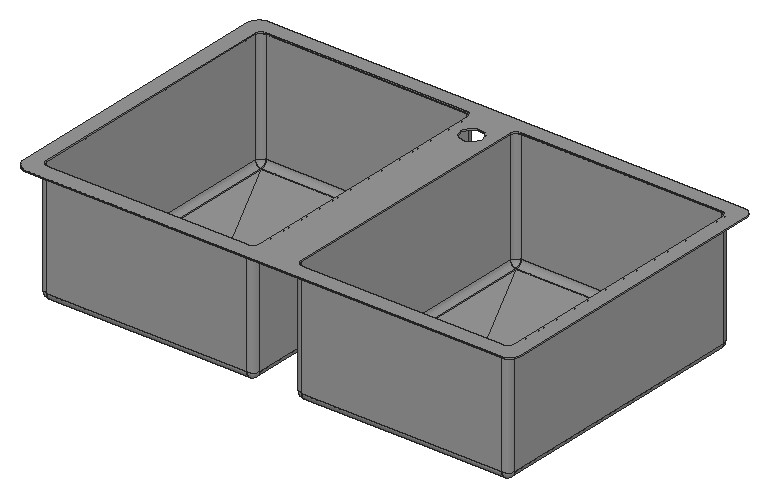
Revit family "BUILDMAT-SNGDTL013-Jack-820-Tap-Landing-Brass Gold", category Plumbing Fixtures, host Face, Revit 2026
Family settings
  Host = Face
  Round Connector Dimension = Use Diameter
  Part Type = Normal
  Enable Cutting in Views = No
  Cut with Voids When Loaded = No
  Maintain Annotation Orientation = No
  Shared = No
  Room Calculation Point = No
Parameters (values of type "Jack 820x500x205mm Brushed Brass Gold")
  Width 2 = 350.0 mm
  Width 1 = 350.0 mm
  Undermount [instance] = 20.0 mm
  URL = "https://www.buildmat.com.au/products/jack-820-double-bowl-tap-landing-sink"
  Sound Pad 2 = yes
  Sound Pad 1 = yes
  Model = "TLAN013"  # constant formula
  Manufacturer's URL = "https://www.buildmat.com.au/"
  Manufacturer = "BUILDMAT"  # constant formula
  Length = 450.0 mm
  Gap = 70.0 mm
  Drain Sound Pad 2 = yes
  Drain Sound Pad 1 = yes
  Description = "BUILDMAT - Jack 820x500 Double Bowl with Tap Landing Sink"  # constant formula
  Depth = 205.0 mm
  Default Elevation = 1200.0 mm
  D. S. Pad 2 = 230.0 mm
  D. S. Pad 1 = 230.0 mm
  D. Bracket 4 = 50.0 mm
  D. Bracket 3 = 100.0 mm
  D. Bracket 2 = 100.0 mm
  D. Bracket 1 = 50.0 mm
  Created By URL = "https://www.buildmat.com.au/"
  Created By = "BUILDMAT"  # constant formula
  Created = "22.06.2022"  # constant formula
  Bracket 4 = yes
  Bracket 3 = yes
  Bracket 2 = yes
  Bracket 1 = yes
  Material = BUILDMAT Brass Gold
Reference planes
  plane 1 "Center (Front/Back)": y = 0
  plane 2: z = 0
  plane 3 "Center (Left/Right)": x = 0
  plane 4: x = -35
  plane 5: x = 35
  plane 6: x = -385
  plane 7: x = 385
  plane 8: y = -225
  plane 9: y = 225
  plane 10: x = -410
  plane 11: x = 410
  plane 12: y = -250
  plane 13: y = 250
  plane 14: x = 210
  plane 15: x = -210
  plane 16: y = 215
  plane 17: y = -215
  plane 18: x = -375
  plane 19: x = -45
  plane 20: x = 45
  plane 21: x = 375
  plane 22: y = 226.5
  plane 23: y = -226.5
  plane 24: x = -386.5
  plane 25: x = -33.5
  plane 26: x = 33.5
  plane 27: x = 386.5
  plane 28: x = -267
  plane 29: x = -153
  plane 30: x = -165
  plane 31: x = -255
  plane 32: x = 153
  plane 33: x = 165
  plane 34: x = 255
  plane 35: x = 267
  plane 36 "Top Substrate": z = -20
  plane 37: z = -18.5
  plane 38 "Bottom Void": z = -225
  plane 39: z = -215
  plane 40: z = -205
  plane 41: z = -220
  plane 42: z = -221.481
  plane 43: z = -216.5
  plane 44 "Sound Pad": z = -125
  plane 45 "Bracket 1": x = -335
  plane 46 "Bracket 4": x = 335
  plane 47: y = 125
  plane 48: y = -125
  plane 49: x = -310
  plane 50: x = -110
  plane 51: x = 110
  plane 52: x = 310
  plane 53: z = -185
  plane 54: z = -165
  plane 55: y = 180
Forms (mm)
  Extrusion 1, void
    sketch origin (0, 0, 0) x (1, 0, 0) y (0, 1, 0)
      loop
        arc (-375, 225) -> (-382.071, 222.071) -> (-385, 215) r 10
        line (-385, 215) -> (-385, -215)
        arc (-385, -215) -> (-382.071, -222.071) -> (-375, -225) r 10
        line (-375, -225) -> (375, -225)
        arc (375, -225) -> (382.071, -222.071) -> (385, -215) r 10
        line (385, -215) -> (385, 215)
        arc (385, 215) -> (382.071, 222.071) -> (375, 225) r 10
        line (375, 225) -> (-375, 225)
    from 0 to -18.5
  Extrusion 2, void
    sketch origin (0, 0, 0) x (1, 0, 0) y (0, 1, 0)
      loop
        arc (-390, 250) -> (-404.142, 244.142) -> (-410, 230) r 20
        line (-410, 230) -> (-410, -230)
        arc (-410, -230) -> (-404.142, -244.142) -> (-390, -250) r 20
        line (-390, -250) -> (390, -250)
        arc (390, -250) -> (404.142, -244.142) -> (410, -230) r 20
        line (410, -230) -> (410, 230)
        arc (410, 230) -> (404.142, 244.142) -> (390, 250) r 20
        line (390, 250) -> (-390, 250)
    from -20 to -18.5
  Extrusion 3, void
    sketch origin (0, 0, 0) x (1, 0, 0) y (0, 1, 0)
      loop
        line (-386.5, 226.5) -> (-386.5, -226.5) -> (386.5, -226.5) -> (386.5, 226.5) -> (-386.5, 226.5)
    from -225 to -20
  Extrusion 4, solid, material "BUILDMAT Brass Gold" <- "Material"
    sketch origin (0, 0, -20) x (-1, 0, 0) y (0, -1, 0)
      loop
        arc (390, -250) -> (404.142, -244.142) -> (410, -230) r 20
        line (410, -230) -> (410, 230)
        arc (410, 230) -> (404.142, 244.142) -> (390, 250) r 20
        line (390, 250) -> (-390, 250)
        arc (-390, 250) -> (-404.142, 244.142) -> (-410, 230) r 20
        line (-410, 230) -> (-410, -230)
        arc (-410, -230) -> (-404.142, -244.142) -> (-390, -250) r 20
        line (-390, -250) -> (390, -250)
      loop
        arc (375, -225) -> (382.071, -222.071) -> (385, -215) r 10
        line (385, -215) -> (385, 215)
        arc (385, 215) -> (382.071, 222.071) -> (375, 225) r 10
        line (375, 225) -> (45, 225)
        arc (45, 225) -> (37.929, 222.071) -> (35, 215) r 10
        line (35, 215) -> (35, -215)
        arc (35, -215) -> (37.929, -222.071) -> (45, -225) r 10
        line (45, -225) -> (375, -225)
      loop
        line (-35, -215) -> (-35, 215)
        arc (-35, 215) -> (-37.929, 222.071) -> (-45, 225) r 10
        line (-45, 225) -> (-375, 225)
        arc (-375, 225) -> (-382.071, 222.071) -> (-385, 215) r 10
        line (-385, 215) -> (-385, -215)
        arc (-385, -215) -> (-382.071, -222.071) -> (-375, -225) r 10
        line (-375, -225) -> (-45, -225)
        arc (-45, -225) -> (-37.929, -222.071) -> (-35, -215) r 10
    from 0 to 1.5
  Extrusion 5, solid, material "BUILDMAT Brass Gold" <- "Material"
    sketch origin (0, 0, -20) x (-1, 0, 0) y (0, -1, 0)
      loop
        arc (375, -225) -> (382.071, -222.071) -> (385, -215) r 10
        line (385, -215) -> (385, 215)
        arc (385, 215) -> (382.071, 222.071) -> (375, 225) r 10
        line (375, 225) -> (45, 225)
        arc (45, 225) -> (37.929, 222.071) -> (35, 215) r 10
        line (35, 215) -> (35, -215)
        arc (35, -215) -> (37.929, -222.071) -> (45, -225) r 10
        line (45, -225) -> (375, -225)
      loop
        arc (375, -226.5) -> (383.132, -223.132) -> (386.5, -215) r 11.5
        line (386.5, -215) -> (386.5, 215)
        arc (386.5, 215) -> (383.132, 223.132) -> (375, 226.5) r 11.5
        line (375, 226.5) -> (45, 226.5)
        arc (45, 226.5) -> (36.868, 223.132) -> (33.5, 215) r 11.5
        line (33.5, 215) -> (33.5, -215)
        arc (33.5, -215) -> (36.868, -223.132) -> (45, -226.5) r 11.5
        line (45, -226.5) -> (375, -226.5)
    from 0 to -185
  Extrusion 6, solid, material "BUILDMAT Brass Gold" <- "Material"
    sketch origin (0, 0, -20) x (-1, 0, 0) y (0, -1, 0)
      loop
        arc (-45, -225) -> (-37.929, -222.071) -> (-35, -215) r 10
        line (-35, -215) -> (-35, 215)
        arc (-35, 215) -> (-37.929, 222.071) -> (-45, 225) r 10
        line (-45, 225) -> (-375, 225)
        arc (-375, 225) -> (-382.071, 222.071) -> (-385, 215) r 10
        line (-385, 215) -> (-385, -215)
        arc (-385, -215) -> (-382.071, -222.071) -> (-375, -225) r 10
        line (-375, -225) -> (-45, -225)
      loop
        line (-33.5, -215) -> (-33.5, 215)
        arc (-33.5, 215) -> (-36.868, 223.132) -> (-45, 226.5) r 11.5
        line (-45, 226.5) -> (-375, 226.5)
        arc (-375, 226.5) -> (-383.132, 223.132) -> (-386.5, 215) r 11.5
        line (-386.5, 215) -> (-386.5, -215)
        arc (-386.5, -215) -> (-383.132, -223.132) -> (-375, -226.5) r 11.5
        line (-375, -226.5) -> (-45, -226.5)
        arc (-45, -226.5) -> (-36.868, -223.132) -> (-33.5, -215) r 11.5
    from 0 to -185
  Extrusion 7, solid, material "BUILDMAT Brass Gold" <- "Material"
    sketch origin (0, 0, 0) x (1, 0, 0) y (0, 0, 1)
      loop
        line (-385, -205) -> (-386.5, -205)
        arc (-386.5, -205) -> (-383.132, -213.132) -> (-375, -216.5) r 11.5
        line (-375, -216.5) -> (-375, -215)
        arc (-375, -215) -> (-382.071, -212.071) -> (-385, -205) r 10
    from -215 to 215
  Extrusion 8, solid, material "BUILDMAT Brass Gold" <- "Material"
    sketch origin (0, 0, 0) x (1, 0, 0) y (0, 0, 1)
      loop
        arc (-35, -205) -> (-37.929, -212.071) -> (-45, -215) r 10
        line (-45, -215) -> (-45, -216.5)
        arc (-45, -216.5) -> (-36.868, -213.132) -> (-33.5, -205) r 11.5
        line (-33.5, -205) -> (-35, -205)
    from -215 to 215
  Extrusion 9, solid, material "BUILDMAT Brass Gold" <- "Material"
    sketch origin (0, 0, 0) x (1, 0, 0) y (0, 0, 1)
      loop
        line (35, -205) -> (33.5, -205)
        arc (33.5, -205) -> (36.868, -213.132) -> (45, -216.5) r 11.5
        line (45, -216.5) -> (45, -215)
        arc (45, -215) -> (37.929, -212.071) -> (35, -205) r 10
    from -215 to 215
  Extrusion 10, solid, material "BUILDMAT Brass Gold" <- "Material"
    sketch origin (0, 0, 0) x (1, 0, 0) y (0, 0, 1)
      loop
        arc (385, -205) -> (382.071, -212.071) -> (375, -215) r 10
        line (375, -215) -> (375, -216.5)
        arc (375, -216.5) -> (383.132, -213.132) -> (386.5, -205) r 11.5
        line (386.5, -205) -> (385, -205)
    from -215 to 215
  Extrusion 11, solid, material "BUILDMAT Brass Gold" <- "Material"
    sketch origin (0, 0, 0) x (0, 1, 0) y (0, 0, 1)
      loop
        line (226.5, -205) -> (225, -205)
        arc (225, -205) -> (222.071, -212.071) -> (215, -215) r 10
        line (215, -215) -> (215, -216.5)
        arc (215, -216.5) -> (223.132, -213.132) -> (226.5, -205) r 11.5
    from 45 to 375
  Extrusion 12, solid, material "BUILDMAT Brass Gold" <- "Material"
    sketch origin (0, 0, 0) x (0, 1, 0) y (0, 0, 1)
      loop
        line (-225, -205) -> (-226.5, -205)
        arc (-226.5, -205) -> (-223.132, -213.132) -> (-215, -216.5) r 11.5
        line (-215, -216.5) -> (-215, -215)
        arc (-215, -215) -> (-222.071, -212.071) -> (-225, -205) r 10
    from 45 to 375
  Extrusion 13, solid, material "BUILDMAT Brass Gold" <- "Material"
    sketch origin (0, 0, 0) x (0, 1, 0) y (0, 0, 1)
      loop
        arc (225, -205) -> (222.071, -212.071) -> (215, -215) r 10
        line (215, -215) -> (215, -216.5)
        arc (215, -216.5) -> (223.132, -213.132) -> (226.5, -205) r 11.5
        line (226.5, -205) -> (225, -205)
    from -375 to -45
  Extrusion 14, solid, material "BUILDMAT Brass Gold" <- "Material"
    sketch origin (0, 0, 0) x (0, 1, 0) y (0, 0, 1)
      loop
        line (-225, -205) -> (-226.5, -205)
        arc (-226.5, -205) -> (-223.132, -213.132) -> (-215, -216.5) r 11.5
        line (-215, -216.5) -> (-215, -215)
        arc (-215, -215) -> (-222.071, -212.071) -> (-225, -205) r 10
    from -375 to -45
  Revolve 15, solid, material "BUILDMAT Brass Gold" <- "Material"
    sketch origin (-423.435, 215, 4000) x (-1, 0, 0) y (0, 0, 1)
      loop
        arc (-38.435, -4205) -> (-41.364, -4212.071) -> (-48.435, -4215) r 10
        line (-48.435, -4215) -> (-48.435, -4216.5)
        arc (-48.435, -4216.5) -> (-40.304, -4213.132) -> (-36.935, -4205) r 11.5
        line (-36.935, -4205) -> (-38.435, -4205)
      axis (-48.435, -4205) -> (-48.435, -4216.5)
    angle from -90 to 0
  Revolve 16, solid, material "BUILDMAT Brass Gold" <- "Material"
    sketch origin (-423.435, 215, 4000) x (-1, 0, 0) y (0, 0, 1)
      loop
        line (-388.435, -4205) -> (-389.935, -4205)
        arc (-389.935, -4205) -> (-386.567, -4213.132) -> (-378.435, -4216.5) r 11.5
        line (-378.435, -4216.5) -> (-378.435, -4215)
        arc (-378.435, -4215) -> (-385.506, -4212.071) -> (-388.435, -4205) r 10
      axis (-378.435, -4205) -> (-378.435, -4216.5)
    angle from -90 to 0
  Revolve 17, solid, material "BUILDMAT Brass Gold" <- "Material"
    sketch origin (-423.435, 215, 4000) x (-1, 0, 0) y (0, 0, 1)
      loop
        arc (-458.435, -4205) -> (-461.364, -4212.071) -> (-468.435, -4215) r 10
        line (-468.435, -4215) -> (-468.435, -4216.5)
        arc (-468.435, -4216.5) -> (-460.304, -4213.132) -> (-456.935, -4205) r 11.5
        line (-456.935, -4205) -> (-458.435, -4205)
      axis (-468.435, -4205) -> (-468.435, -4216.5)
    angle from -90 to 0
  Revolve 18, solid, material "BUILDMAT Brass Gold" <- "Material"
    sketch origin (-423.435, 215, 4000) x (-1, 0, 0) y (0, 0, 1)
      loop
        line (-808.435, -4205) -> (-809.935, -4205)
        arc (-809.935, -4205) -> (-806.567, -4213.132) -> (-798.435, -4216.5) r 11.5
        line (-798.435, -4216.5) -> (-798.435, -4215)
        arc (-798.435, -4215) -> (-805.506, -4212.071) -> (-808.435, -4205) r 10
      axis (-798.435, -4205) -> (-798.435, -4216.5)
    angle from -90 to 0
  Revolve 19, solid, material "BUILDMAT Brass Gold" <- "Material"
    sketch origin (-423.435, -215, 4000) x (-1, 0, 0) y (0, 0, 1)
      loop
        arc (-38.435, -4205) -> (-41.364, -4212.071) -> (-48.435, -4215) r 10
        line (-48.435, -4215) -> (-48.435, -4216.5)
        arc (-48.435, -4216.5) -> (-40.304, -4213.132) -> (-36.935, -4205) r 11.5
        line (-36.935, -4205) -> (-38.435, -4205)
      axis (-48.435, -4205) -> (-48.435, -4216.5)
    angle from 0 to 90
  Revolve 20, solid, material "BUILDMAT Brass Gold" <- "Material"
    sketch origin (-423.435, -215, 4000) x (-1, 0, 0) y (0, 0, 1)
      loop
        arc (-389.935, -4205) -> (-386.567, -4213.132) -> (-378.435, -4216.5) r 11.5
        line (-378.435, -4216.5) -> (-378.435, -4215)
        arc (-378.435, -4215) -> (-385.506, -4212.071) -> (-388.435, -4205) r 10
        line (-388.435, -4205) -> (-389.935, -4205)
      axis (-378.435, -4205) -> (-378.435, -4216.5)
    angle from 0 to 90
  Revolve 21, solid, material "BUILDMAT Brass Gold" <- "Material"
    sketch origin (-423.435, -215, 4000) x (-1, 0, 0) y (0, 0, 1)
      loop
        line (-456.935, -4205) -> (-458.435, -4205)
        arc (-458.435, -4205) -> (-461.364, -4212.071) -> (-468.435, -4215) r 10
        line (-468.435, -4215) -> (-468.435, -4216.5)
        arc (-468.435, -4216.5) -> (-460.304, -4213.132) -> (-456.935, -4205) r 11.5
      axis (-468.435, -4205) -> (-468.435, -4216.5)
    angle from 0 to 90
  Revolve 22, solid, material "BUILDMAT Brass Gold" <- "Material"
    sketch origin (-423.435, -215, 4000) x (-1, 0, 0) y (0, 0, 1)
      loop
        arc (-809.935, -4205) -> (-806.567, -4213.132) -> (-798.435, -4216.5) r 11.5
        line (-798.435, -4216.5) -> (-798.435, -4215)
        arc (-798.435, -4215) -> (-805.506, -4212.071) -> (-808.435, -4205) r 10
        line (-808.435, -4205) -> (-809.935, -4205)
      axis (-798.435, -4205) -> (-798.435, -4216.5)
    angle from 0 to 90
  Extrusion 23, solid, material "BUILDMAT Brass Gold" <- "Material"
    sketch origin (0, 0, -20) x (-1, 0, 0) y (0, -1, 0)
      loop
        line (45, -215) -> (375, -215) -> (375, 215) -> (45, 215) -> (45, -215)
    from -196.5 to -195
  Extrusion 24, solid, material "BUILDMAT Brass Gold" <- "Material"
    sketch origin (0, 0, -20) x (-1, 0, 0) y (0, -1, 0)
      loop
        line (-45, -215) -> (-45, 215) -> (-375, 215) -> (-375, -215) -> (-45, -215)
    from -196.5 to -195
  Blend 25, solid, material "BUILDMAT Brass Gold" <- "Material"
    base sketch origin (0, 0, -20) x (-1, 0, 0) y (0, -1, 0)
      loop
        circle (210, 0) r 57
    top sketch origin (0, 0, -20) x (-1, 0, 0) y (0, -1, 0)
      loop
        line (375, -215) -> (375, 215) -> (45, 215) -> (45, -215) -> (375, -215)
    from -201.481 to -196.5
  Blend 26, solid, material "BUILDMAT Brass Gold" <- "Material"
    base sketch origin (0, 0, -20) x (-1, 0, 0) y (0, -1, 0)
      loop
        circle (-210, 0) r 57
    top sketch origin (0, 0, -20) x (-1, 0, 0) y (0, -1, 0)
      loop
        line (-45, -215) -> (-45, 215) -> (-375, 215) -> (-375, -215) -> (-45, -215)
    from -201.481 to -196.5
  Blend 27, void
    base sketch origin (0, 0, -20) x (-1, 0, 0) y (0, -1, 0)
      loop
        circle (210, 0) r 57
    top sketch origin (0, 0, -20) x (-1, 0, 0) y (0, -1, 0)
      loop
        line (375, -215) -> (375, 215) -> (45, 215) -> (45, -215) -> (375, -215)
    from -200 to -195
  Blend 28, void
    base sketch origin (0, 0, -20) x (-1, 0, 0) y (0, -1, 0)
      loop
        circle (-210, 0) r 57
    top sketch origin (0, 0, -20) x (-1, 0, 0) y (0, -1, 0)
      loop
        line (-45, -215) -> (-45, 215) -> (-375, 215) -> (-375, -215) -> (-45, -215)
    from -200 to -195
  Extrusion 29, void
    sketch origin (0, 0, -225) x (-1, 0, 0) y (0, -1, 0)
      loop
        circle (210, 0) r 57
    from 0 to 5
  Extrusion 30, void
    sketch origin (0, 0, -225) x (-1, 0, 0) y (0, -1, 0)
      loop
        circle (-210, 0) r 57
    from 0 to 5
  Revolve 31, solid, material "BUILDMAT Brass Gold" <- "Material"
    sketch origin (0, 0, 0) x (1, 0, 0) y (0, 0, 1)
      loop
        spline (-267, -220) -> (-266.897, -220.653) -> (-266.591, -221.294) -> (-266.087, -221.913) -> (-265.392, -222.5) -> (-264.52, -223.044) -> (-263.485, -223.536) -> (-262.305, -223.967) -> (-261, -224.33) -> (-259.592, -224.619) -> (-258.106, -224.83) -> (-256.566, -224.957) -> (-255, -225)
        line (-255, -225) -> (-255, -223.5)
        spline (-255, -223.5) -> (-256.371, -223.47) -> (-257.718, -223.381) -> (-259.018, -223.234) -> (-260.25, -223.031) -> (-261.392, -222.777) -> (-262.425, -222.475) -> (-263.33, -222.131) -> (-264.093, -221.75) -> (-264.701, -221.339) -> (-265.142, -220.906) -> (-265.41, -220.457) -> (-265.5, -220)
        line (-265.5, -220) -> (-267, -220)
      axis (-210, -225) -> (-210, -220)
    angle from 0 to 360
  Revolve 32, solid, material "BUILDMAT Brass Gold" <- "Material"
    sketch origin (0, 0, 0) x (1, 0, 0) y (0, 0, 1)
      loop
        line (267, -220) -> (265.5, -220)
        spline (265.5, -220) -> (265.41, -220.457) -> (265.142, -220.906) -> (264.701, -221.339) -> (264.093, -221.75) -> (263.33, -222.131) -> (262.425, -222.475) -> (261.392, -222.777) -> (260.25, -223.031) -> (259.018, -223.234) -> (257.718, -223.381) -> (256.371, -223.47) -> (255, -223.5)
        line (255, -223.5) -> (255, -225)
        spline (255, -225) -> (256.566, -224.957) -> (258.106, -224.83) -> (259.592, -224.619) -> (261, -224.33) -> (262.305, -223.967) -> (263.485, -223.536) -> (264.52, -223.044) -> (265.392, -222.5) -> (266.087, -221.913) -> (266.591, -221.294) -> (266.897, -220.653) -> (267, -220)
      axis (210, -220) -> (210, -225)
    angle from 0 to 360
  Extrusion 33, void
    sketch origin (0, 0, -20) x (-1, 0, 0) y (0, -1, 0)
      loop
        circle (0, -180) r 17.5
    from 0 to 1.5
Cuts and joins
  Blend 27, Extrusion 29 cuts Extrusion 23
  Blend 27, Extrusion 29 cuts Blend 25
  joined: Extrusion 23, Blend 25
  Blend 28, Extrusion 30 cuts Extrusion 24
  Blend 28, Extrusion 30 cuts Blend 26
  joined: Extrusion 24, Blend 26
  Extrusion 33 cuts Extrusion 4
Lines and regions (mm)
  Masking region 1
    outline origin (0, 0, 0) x (1, 0, 0) y (0, 0, 1)
      loop
        line (-385, -20) -> (-385, -205)
        arc (-385, -205) -> (-382.071, -212.071) -> (-375, -215) r 10
        line (-375, -215) -> (-267, -220) -> (-153, -220) -> (-45, -215)
        arc (-45, -215) -> (-37.929, -212.071) -> (-35, -205) r 10
        line (-35, -205) -> (-35, -20) -> (-385, -20)
  Masking region 2
    outline origin (0, 0, 0) x (1, 0, 0) y (0, 0, 1)
      loop
        line (35, -20) -> (35, -205)
        arc (35, -205) -> (37.609, -211.736) -> (44.076, -214.957) r 10
        line (44.076, -214.957) -> (153, -220) -> (267, -220) -> (375, -215)
        arc (375, -215) -> (382.071, -212.071) -> (385, -205) r 10
        line (385, -205) -> (385, -20) -> (35, -20)
  Masking region 3, visible <- "Drain Sound Pad 1"
    outline origin (0, 0, 0) x (1, 0, 0) y (0, 0, 1)
      loop
        line (-267, -221.481) -> (-310, -219.498) -> (-310, -225) -> (-267, -225) -> (-267, -221.481)
  Masking region 4, visible <- "Drain Sound Pad 1"
    outline origin (0, 0, 0) x (1, 0, 0) y (0, 0, 1)
      loop
        line (-153, -221.481) -> (-153, -225) -> (-110, -225) -> (-110, -219.498) -> (-153, -221.481)
  Masking region 5, visible <- "Drain Sound Pad 2"
    outline origin (0, 0, 0) x (1, 0, 0) y (0, 0, 1)
      loop
        line (110, -219.498) -> (110, -225) -> (153, -225) -> (153, -221.481) -> (110, -219.498)
  Masking region 6, visible <- "Drain Sound Pad 2"
    outline origin (0, 0, 0) x (1, 0, 0) y (0, 0, 1)
      loop
        line (310, -219.498) -> (267, -221.481) -> (267, -225) -> (310, -225) -> (310, -219.498)
  Masking region 7
    outline origin (0, 0, 0) x (1, 0, 0) y (0, 0, 1)
      loop
        line (-33.5, -165) -> (-33.5, -185) -> (33.5, -185) -> (33.5, -165) -> (-33.5, -165)
Text (mm)
  text "Refer to www.buildmat.com.au for the most current product literature. \nAllow a +/- 5mm tolerance for dimensions shown in the product literature. \nPlease note product details are subject to change due to ongoing product development." at (0.056, -1035.857, 0), in view "Ref. Level"
Dimensions and locks
  equal spacing: plane 4, plane 3 "Center (Left/Right)", plane 5
  "Gap": plane 4 to plane 5
  "Width 1": plane 6 to plane 4
  "Width 2": plane 5 to plane 7
  equal spacing: plane 9, plane 1 "Center (Front/Back)", plane 8
  "Length": plane 8 to plane 9
  locked: plane 10 to plane 6 at 25
  locked: plane 7 to plane 11 at 25
  locked: plane 13 to plane 9 at 25
  locked: plane 8 to plane 12 at 25
  equal spacing: plane 5, plane 14, plane 7
  equal spacing: plane 6, plane 15, plane 4
  locked: plane 9 to plane 16 at 10
  locked: plane 17 to plane 8 at 10
  locked: plane 6 to plane 18 at 10
  locked: plane 19 to plane 4 at 10
  locked: plane 5 to plane 20 at 10
  locked: plane 21 to plane 7 at 10
  locked: plane 8 to plane 23 at 1.5
  locked: plane 22 to plane 9 at 1.5
  locked: plane 24 to plane 6 at 1.5
  locked: plane 4 to plane 25 at 1.5
  locked: plane 26 to plane 5 at 1.5
  locked: plane 7 to plane 27 at 1.5
  plane 28 to plane 15 to plane 29 = 57.0 mm locked, 57.0 mm locked
  plane 31 to plane 15 to plane 30 = 45.0 mm locked, 45.0 mm locked
  plane 32 to plane 14 to plane 35 = 57.0 mm locked, 57.0 mm locked
  plane 33 to plane 14 to plane 34 = 45.0 mm locked, 45.0 mm locked
  locked: plane 37 to plane 36 "Top Substrate" at 1.5
  plane 40 to plane 39 to plane 38 "Bottom Void" = 10.0 mm locked, 10.0 mm locked
  locked: plane 41 to plane 38 "Bottom Void" at 5
  locked: plane 41 to plane 42 at 1.481
  locked: plane 39 to plane 43 at 1.5
  locked: plane 44 "Sound Pad" to plane 38 "Bottom Void" at 100
  "Depth": plane 36 "Top Substrate" to plane 38 "Bottom Void"
  "Undermount": plane 2 to plane 36 "Top Substrate"
  locked: plane 45 "Bracket 1" to plane 6 at 50
  locked: plane 7 to plane 46 "Bracket 4" at 50
  locked: plane 9 to plane 47 at 100
  locked: plane 48 to plane 8 at 100
  plane 50 to plane 15 to plane 49 = 100.0 mm locked, 100.0 mm locked
  plane 52 to plane 14 to plane 51 = 100.0 mm locked, 100.0 mm locked
  plane 54 to plane 53 to plane 40 = 20.0 mm locked, 20.0 mm locked
  locked: plane 13 to plane 55 at 70
  aligned and locked: plane 2 to host face
  aligned and locked: level to host face
  aligned and locked: Extrusion 1 sketch curve to plane 9
  aligned and locked: Extrusion 1 sketch curve to plane 6
  aligned and locked: Extrusion 1 sketch curve to plane 7
  aligned and locked: Extrusion 1 sketch curve to plane 8
  aligned and locked: Extrusion 1 to level
  aligned and locked: Extrusion 1 to plane 37
  aligned and locked: Extrusion 2 sketch curve to plane 13
  aligned and locked: Extrusion 2 sketch curve to plane 10
  aligned and locked: Extrusion 2 sketch curve to plane 11
  aligned and locked: Extrusion 2 sketch curve to plane 12
  aligned and locked: Extrusion 2 to plane 36 "Top Substrate"
  aligned and locked: Extrusion 2 to plane 37
  aligned and locked: Extrusion 3 sketch curve to plane 22
  aligned and locked: Extrusion 3 sketch curve to plane 24
  aligned and locked: Extrusion 3 sketch curve to plane 27
  aligned and locked: Extrusion 3 sketch curve to plane 23
  aligned and locked: Extrusion 3 to plane 38 "Bottom Void"
  aligned and locked: plane 36 "Top Substrate" to Extrusion 3
  aligned and locked: Extrusion 4 sketch curve to plane 13
  aligned and locked: Extrusion 4 sketch curve to plane 10
  aligned and locked: Extrusion 4 sketch curve to plane 11
  aligned and locked: Extrusion 4 sketch curve to plane 12
  aligned and locked: Extrusion 4 sketch curve to plane 9  (x2)
  aligned and locked: Extrusion 4 sketch curve to plane 6
  aligned and locked: Extrusion 4 sketch curve to plane 8  (x2)
  aligned and locked: Extrusion 4 sketch curve to plane 4
  aligned and locked: Extrusion 4 sketch curve to plane 5
  aligned and locked: Extrusion 4 sketch curve to plane 7
  aligned and locked: Extrusion 4 to plane 36 "Top Substrate"
  aligned and locked: Extrusion 4 to plane 37
  aligned and locked: Extrusion 5 sketch curve to plane 9
  aligned and locked: Extrusion 5 sketch curve to plane 22
  aligned and locked: Extrusion 5 sketch curve to plane 6
  aligned and locked: Extrusion 5 sketch curve to plane 24
  aligned and locked: Extrusion 5 sketch curve to plane 25
  aligned and locked: Extrusion 5 sketch curve to plane 4
  aligned and locked: Extrusion 5 sketch curve to plane 23
  aligned and locked: Extrusion 5 sketch curve to plane 8
  aligned and locked: Extrusion 5 to plane 40
  aligned and locked: plane 36 "Top Substrate" to Extrusion 5
  aligned and locked: Extrusion 6 sketch curve to plane 9
  aligned and locked: Extrusion 6 sketch curve to plane 7
  aligned and locked: Extrusion 6 sketch curve to plane 8
  aligned and locked: Extrusion 6 sketch curve to plane 5
  aligned and locked: Extrusion 6 sketch curve to plane 26
  aligned and locked: Extrusion 6 sketch curve to plane 27
  aligned and locked: Extrusion 6 sketch curve to plane 22
  aligned and locked: Extrusion 6 sketch curve to plane 23
  aligned and locked: Extrusion 6 to plane 40
  aligned and locked: plane 36 "Top Substrate" to Extrusion 6
  aligned and locked: Extrusion 7 sketch curve to plane 40
  aligned and locked: Extrusion 7 sketch curve to plane 18
  aligned and locked: Extrusion 8 sketch curve to plane 40
  aligned and locked: Extrusion 8 sketch curve to plane 19
  aligned and locked: Extrusion 9 sketch curve to plane 40
  aligned and locked: Extrusion 9 sketch curve to plane 20
  aligned and locked: Extrusion 10 sketch curve to plane 21
  aligned and locked: plane 40 to Extrusion 10 sketch curve
  aligned and locked: plane 16 to Extrusion 10
  aligned and locked: plane 16 to Extrusion 9
  aligned and locked: plane 16 to Extrusion 8
  aligned and locked: plane 16 to Extrusion 7
  aligned and locked: Extrusion 10 to plane 17
  aligned and locked: Extrusion 9 to plane 17
  aligned and locked: Extrusion 8 to plane 17
  aligned and locked: Extrusion 7 to plane 17
  aligned and locked: plane 40 to Extrusion 11 sketch curve
  aligned and locked: plane 16 to Extrusion 11 sketch curve
  aligned and locked: plane 17 to Extrusion 12 sketch curve
  aligned and locked: plane 40 to Extrusion 12 sketch curve
  aligned and locked: plane 21 to Extrusion 11
  aligned and locked: plane 21 to Extrusion 12
  aligned and locked: Extrusion 11 to plane 20
  aligned and locked: Extrusion 12 to plane 20
  aligned and locked: plane 16 to Extrusion 13 sketch curve
  aligned and locked: plane 40 to Extrusion 13 sketch curve
  aligned and locked: plane 17 to Extrusion 14 sketch curve
  aligned and locked: plane 40 to Extrusion 14 sketch curve
  aligned and locked: Extrusion 14 to plane 18
  aligned and locked: plane 19 to Extrusion 14
  aligned and locked: Extrusion 13 to plane 18
  aligned and locked: plane 19 to Extrusion 13
  aligned and locked: Revolve 15 sketch curve to plane 18
  aligned and locked: plane 40 to Revolve 15 sketch curve
  aligned and locked: plane 18 to Revolve 15 sketch curve
  aligned and locked: plane 18 to Revolve 15
  aligned and locked: plane 16 to Revolve 15
  aligned and locked: Revolve 16 sketch curve to plane 19
  aligned and locked: plane 19 to Revolve 16 sketch curve
  aligned and locked: plane 40 to Revolve 16 sketch curve
  aligned and locked: Revolve 16 to plane 19
  aligned and locked: plane 16 to Revolve 16
  aligned and locked: Revolve 17 sketch curve to plane 20
  aligned and locked: plane 40 to Revolve 17 sketch curve
  aligned and locked: plane 20 to Revolve 17 sketch curve
  aligned and locked: plane 20 to Revolve 17
  aligned and locked: plane 16 to Revolve 17
  aligned and locked: Revolve 18 sketch curve to plane 21
  aligned and locked: plane 21 to Revolve 18 sketch curve
  aligned and locked: plane 40 to Revolve 18 sketch curve
  aligned and locked: Revolve 18 to plane 21
  aligned and locked: Revolve 18 to plane 16
  aligned and locked: Revolve 19 sketch curve to plane 18
  aligned and locked: plane 40 to Revolve 19 sketch curve
  aligned and locked: plane 18 to Revolve 19 sketch curve
  aligned and locked: Revolve 19 to plane 18
  aligned and locked: plane 17 to Revolve 19
  aligned and locked: Revolve 20 sketch curve to plane 19
  aligned and locked: plane 40 to Revolve 20 sketch curve
  aligned and locked: plane 19 to Revolve 20 sketch curve
  aligned and locked: plane 19 to Revolve 20
  aligned and locked: plane 17 to Revolve 20
  aligned and locked: Revolve 21 sketch curve to plane 20
  aligned and locked: plane 40 to Revolve 21 sketch curve
  aligned and locked: plane 20 to Revolve 21 sketch curve
  aligned and locked: Revolve 21 to plane 20
  aligned and locked: plane 17 to Revolve 21
  aligned and locked: Revolve 22 sketch curve to plane 21
  aligned and locked: plane 40 to Revolve 22 sketch curve
  aligned and locked: plane 21 to Revolve 22 sketch curve
  aligned and locked: Revolve 22 to plane 17
  aligned and locked: plane 21 to Revolve 22
  aligned and locked: Extrusion 23 sketch curve to plane 19
  aligned and locked: Extrusion 23 sketch curve to plane 18
  aligned and locked: Extrusion 23 sketch curve to plane 16
  aligned and locked: Extrusion 23 sketch curve to plane 17
  aligned and locked: Extrusion 23 to plane 43
  aligned and locked: plane 39 to Extrusion 23
  aligned and locked: Extrusion 24 sketch curve to plane 16
  aligned and locked: Extrusion 24 sketch curve to plane 17
  aligned and locked: Extrusion 24 sketch curve to plane 21
  aligned and locked: Extrusion 24 sketch curve to plane 20
  aligned and locked: Extrusion 24 to plane 43
  aligned and locked: Extrusion 24 to plane 39
  aligned and locked: plane 42 to Blend 25
  aligned and locked: plane 43 to Blend 25
  aligned and locked: plane 42 to Blend 26
  aligned and locked: Blend 26 to plane 43
  aligned and locked: Blend 25 sketch curve to plane 16
  aligned and locked: Blend 25 sketch curve to plane 17
  aligned and locked: Blend 25 sketch curve to plane 18
  aligned and locked: Blend 25 sketch curve to plane 19
  aligned and locked: Blend 26 sketch curve to plane 16
  aligned and locked: Blend 26 sketch curve to plane 17
  aligned and locked: Blend 26 sketch curve to plane 21
  aligned and locked: Blend 26 sketch curve to plane 20
  aligned and locked: Blend 27 sketch curve to plane 16
  aligned and locked: Blend 27 sketch curve to plane 17
  aligned and locked: Blend 27 sketch curve to plane 18
  aligned and locked: Blend 27 sketch curve to plane 19
  aligned and locked: Blend 27 to plane 41
  aligned and locked: plane 39 to Blend 27
  aligned and locked: Blend 28 sketch curve to plane 16
  aligned and locked: Blend 28 sketch curve to plane 17
  aligned and locked: Blend 28 sketch curve to plane 21
  aligned and locked: Blend 28 sketch curve to plane 20
  aligned and locked: Blend 28 to plane 41
  aligned and locked: Blend 28 to plane 39
  aligned and locked: Extrusion 29 to plane 38 "Bottom Void"
  aligned and locked: plane 41 to Extrusion 29
  aligned and locked: Extrusion 30 to plane 38 "Bottom Void"
  aligned and locked: plane 41 to Extrusion 30
  aligned and locked: plane 15 to Revolve 31 sketch curve
  aligned and locked: Revolve 31 sketch curve to plane 41
  aligned and locked: plane 31 to Revolve 31 sketch curve
  aligned and locked: Revolve 32 sketch curve to plane 14
  aligned and locked: plane 34 to Revolve 32 sketch curve
  aligned and locked: plane 41 to Revolve 32 sketch curve
  aligned and locked: plane 18 to nested 1
  aligned and locked: plane 19 to nested 1
  aligned and locked: plane 17 to nested 1
  aligned and locked: plane 16 to nested 1
  aligned and locked: plane 20 to nested 2
  aligned and locked: plane 21 to nested 2
  aligned and locked: nested 2 to plane 17
  aligned and locked: nested 2 to plane 16
  aligned and locked: plane 14 to nested 4
  aligned and locked: plane 15 to nested 3
  aligned and locked: plane 1 "Center (Front/Back)" to nested 3
  aligned and locked: plane 1 "Center (Front/Back)" to nested 4
  aligned and locked: plane 47 to nested 5
  aligned and locked: plane 24 to nested 5
  aligned and locked: plane 48 to nested 6
  aligned and locked: plane 24 to nested 6
  aligned and locked: plane 47 to nested 7
  aligned and locked: plane 48 to nested 8
  aligned and locked: nested 8 to plane 27
  aligned and locked: nested 7 to plane 27
  aligned and locked: nested 12 to plane 45 "Bracket 1"
  aligned and locked: plane 23 to nested 12
  aligned and locked: plane 23 to nested 13
  aligned and locked: nested 14 to plane 46 "Bracket 4"
  aligned and locked: nested 14 to plane 23
  aligned and locked: plane 45 "Bracket 1" to nested 9
  aligned and locked: nested 9 to plane 22
  aligned and locked: nested 10 to plane 22
  aligned and locked: plane 46 "Bracket 4" to nested 11
  aligned and locked: plane 22 to nested 11
  aligned and locked: Masking region 1 sketch curve to plane 36 "Top Substrate"
  aligned and locked: Masking region 1 sketch curve to plane 6
  aligned and locked: Masking region 1 sketch curve to plane 4
  aligned and locked: Masking region 1 sketch curve to Extrusion 7
  aligned and locked: Masking region 1 sketch curve to Extrusion 8
  aligned and locked: Masking region 1 sketch curve to plane 41
  aligned and locked: Masking region 1 sketch curve to cut or joined group of Extrusion 23, Blend 25, Blend 27, Extrusion 29  (x2)
  aligned and locked: Masking region 2 sketch curve to plane 36 "Top Substrate"
  aligned and locked: Masking region 2 sketch curve to plane 41
  aligned and locked: Masking region 2 sketch curve to plane 7
  aligned and locked: Masking region 2 sketch curve to plane 5
  aligned and locked: Masking region 2 sketch curve to Extrusion 9
  aligned and locked: Masking region 2 sketch curve to cut or joined group of Extrusion 24, Blend 26, Blend 28, Extrusion 30  (x2)
  aligned and locked: Masking region 2 sketch curve to Extrusion 10
  aligned and locked: nested 15 to plane 36 "Top Substrate"
  aligned and locked: plane 45 "Bracket 1" to nested 15
  aligned and locked: nested 16 to plane 36 "Top Substrate"
  aligned and locked: plane 46 "Bracket 4" to nested 16
  aligned and locked: nested 17 to plane 44 "Sound Pad"
  aligned and locked: nested 18 to plane 44 "Sound Pad"
  aligned and locked: Masking region 3 sketch curve to plane 28
  aligned and locked: cut or joined group of Extrusion 23, Blend 25, Blend 27, Extrusion 29 to Masking region 3 sketch curve
  aligned and locked: Masking region 3 sketch curve to plane 38 "Bottom Void"
  aligned and locked: Masking region 3 sketch curve to plane 49
  aligned and locked: Masking region 4 sketch curve to plane 29
  aligned and locked: Masking region 4 sketch curve to plane 50
  aligned and locked: Masking region 4 sketch curve to plane 38 "Bottom Void"
  aligned and locked: Masking region 4 sketch curve to cut or joined group of Extrusion 23, Blend 25, Blend 27, Extrusion 29
  aligned and locked: cut or joined group of Extrusion 24, Blend 26, Blend 28, Extrusion 30 to Masking region 5 sketch curve
  aligned and locked: Masking region 5 sketch curve to plane 51
  aligned and locked: Masking region 5 sketch curve to plane 32
  aligned and locked: Masking region 5 sketch curve to plane 38 "Bottom Void"
  aligned and locked: Masking region 6 sketch curve to plane 52
  aligned and locked: Masking region 6 sketch curve to plane 35
  aligned and locked: Masking region 6 sketch curve to cut or joined group of Extrusion 24, Blend 26, Blend 28, Extrusion 30
  aligned and locked: Masking region 6 sketch curve to plane 38 "Bottom Void"
  aligned and locked: Masking region 7 sketch curve to plane 54
  aligned and locked: Masking region 7 sketch curve to plane 53
  aligned and locked: Masking region 7 sketch curve to plane 25
  aligned and locked: Masking region 7 sketch curve to plane 26
  aligned and locked: plane 14 to nested 18
  aligned and locked: plane 15 to nested 17
  aligned and locked: nested 19 to plane 36 "Top Substrate"
  aligned and locked: plane 3 "Center (Left/Right)" to nested 19
  aligned and locked: nested 13 to plane 3 "Center (Left/Right)"
  aligned and locked: plane 3 "Center (Left/Right)" to nested 10
  aligned and locked: Extrusion 33 to plane 36 "Top Substrate"
  aligned and locked: plane 37 to Extrusion 33
Automatic sketch dimensions
  host sketch curve to host sketch curve = 2438.4 mm  (x2)
  Extrusion 1 sketch curve to plane 17 = 0.0 mm
  Extrusion 1 sketch curve to plane 18 = 0.0 mm
  Extrusion 1 sketch curve to plane 21 = 0.0 mm
  Extrusion 1 sketch curve to plane 16 = 0.0 mm
  Extrusion 2 sketch curve to plane 24 = 3.5 mm
  Extrusion 2 sketch curve to plane 23 = 3.5 mm
  plane 22 to Extrusion 2 sketch curve = 3.5 mm
  plane 27 to Extrusion 2 sketch curve = 3.5 mm
  Extrusion 4 sketch curve to plane 21 = 0.0 mm
  Extrusion 4 sketch curve to plane 16 = 0.0 mm  (x2)
  Extrusion 4 sketch curve to plane 20 = 0.0 mm
  Extrusion 4 sketch curve to plane 19 = 0.0 mm  (x2)
  Extrusion 4 sketch curve to plane 18 = 0.0 mm  (x2)
  plane 27 to Extrusion 4 sketch curve = 3.5 mm  (x2)
  Extrusion 4 sketch curve to plane 24 = 3.5 mm
  plane 22 to Extrusion 4 sketch curve = 3.5 mm
  Extrusion 5 sketch curve to plane 19 = 0.0 mm
  Extrusion 5 sketch curve to plane 18 = 0.0 mm  (x2)
  Extrusion 5 sketch curve to plane 17 = 0.0 mm
  Extrusion 5 sketch curve to Extrusion 5 sketch curve = 0.0 mm  (x4)
  Extrusion 6 sketch curve to plane 21 = 0.0 mm
  Extrusion 6 sketch curve to plane 20 = 0.0 mm  (x2)
  Extrusion 6 sketch curve to plane 16 = 0.0 mm
  Extrusion 6 sketch curve to Extrusion 6 sketch curve = 0.0 mm  (x4)
  Extrusion 7 sketch curve to plane 6 = 0.0 mm
  Extrusion 7 sketch curve to plane 43 = 0.0 mm
  Extrusion 8 sketch curve to plane 4 = 0.0 mm
  Extrusion 8 sketch curve to plane 43 = 0.0 mm
  Extrusion 9 sketch curve to plane 5 = 0.0 mm
  Extrusion 9 sketch curve to plane 43 = 0.0 mm
  Extrusion 10 sketch curve to plane 7 = 0.0 mm
  Extrusion 10 sketch curve to plane 43 = 0.0 mm
  Extrusion 11 sketch curve to plane 9 = 0.0 mm
  Extrusion 11 sketch curve to plane 43 = 0.0 mm
  Extrusion 12 sketch curve to plane 8 = 0.0 mm
  Extrusion 12 sketch curve to plane 43 = 0.0 mm
  Extrusion 13 sketch curve to plane 9 = 0.0 mm
  Extrusion 13 sketch curve to plane 43 = 0.0 mm
  Extrusion 14 sketch curve to plane 8 = 0.0 mm
  Extrusion 14 sketch curve to plane 43 = 0.0 mm
  Revolve 15 sketch curve to plane 6 = 0.0 mm
  Revolve 15 sketch curve to plane 43 = 0.0 mm  (x2)
  Revolve 15 sketch curve to plane 40 = 0.0 mm
  Revolve 16 sketch curve to plane 4 = 0.0 mm
  Revolve 16 sketch curve to plane 43 = 0.0 mm  (x2)
  Revolve 16 sketch curve to plane 40 = 0.0 mm
  Revolve 17 sketch curve to plane 5 = 0.0 mm
  Revolve 17 sketch curve to plane 43 = 0.0 mm  (x2)
  Revolve 17 sketch curve to plane 40 = 0.0 mm
  Revolve 18 sketch curve to plane 7 = 0.0 mm
  Revolve 18 sketch curve to plane 43 = 0.0 mm  (x2)
  Revolve 18 sketch curve to plane 40 = 0.0 mm
  Revolve 19 sketch curve to plane 6 = 0.0 mm
  Revolve 19 sketch curve to plane 43 = 0.0 mm  (x2)
  Revolve 19 sketch curve to plane 40 = 0.0 mm
  Revolve 20 sketch curve to plane 4 = 0.0 mm
  Revolve 20 sketch curve to plane 43 = 0.0 mm  (x2)
  Revolve 20 sketch curve to plane 40 = 0.0 mm
  Revolve 21 sketch curve to plane 5 = 0.0 mm
  Revolve 21 sketch curve to plane 43 = 0.0 mm  (x2)
  Revolve 21 sketch curve to plane 40 = 0.0 mm
  Revolve 22 sketch curve to plane 7 = 0.0 mm
  Revolve 22 sketch curve to plane 43 = 0.0 mm  (x2)
  Revolve 22 sketch curve to plane 40 = 0.0 mm
  plane 1 "Center (Front/Back)" to Blend 25 sketch curve = 0.0 mm
  Blend 25 sketch curve to plane 15 = 0.0 mm
  plane 1 "Center (Front/Back)" to Blend 26 sketch curve = 0.0 mm
  Blend 26 sketch curve to plane 14 = 0.0 mm
  plane 1 "Center (Front/Back)" to Blend 27 sketch curve = 0.0 mm
  Blend 27 sketch curve to plane 15 = 0.0 mm
  plane 1 "Center (Front/Back)" to Blend 28 sketch curve = 0.0 mm
  Blend 28 sketch curve to plane 14 = 0.0 mm
  plane 1 "Center (Front/Back)" to Extrusion 29 sketch curve = 0.0 mm
  Extrusion 29 sketch curve to plane 15 = 0.0 mm
  plane 1 "Center (Front/Back)" to Extrusion 30 sketch curve = 0.0 mm
  Extrusion 30 sketch curve to plane 14 = 0.0 mm
  Revolve 31 sketch curve to plane 28 = 0.0 mm
  Revolve 31 sketch curve to plane 38 "Bottom Void" = 0.0 mm
  Revolve 31 sketch curve to plane 40 = 0.0 mm
  plane 28 to Revolve 31 sketch curve = 1.5 mm
  Revolve 31 sketch curve to Revolve 31 sketch curve = 1.5 mm
  plane 38 "Bottom Void" to Revolve 31 sketch curve = 0.0 mm
  Revolve 32 sketch curve to plane 35 = 0.0 mm
  Revolve 32 sketch curve to plane 38 "Bottom Void" = 0.0 mm
  Revolve 32 sketch curve to plane 40 = 0.0 mm
  Revolve 32 sketch curve to Revolve 32 sketch curve = 1.5 mm  (x2)
  plane 38 "Bottom Void" to Revolve 32 sketch curve = 0.0 mm
  Extrusion 33 sketch curve to plane 3 "Center (Left/Right)" = 0.0 mm
  Extrusion 33 sketch curve to plane 55 = 0.0 mm
  radius of Blend 25 sketch curve = 57.0 mm
  radius of Blend 26 sketch curve = 57.0 mm
  radius of Blend 27 sketch curve = 57.0 mm
  radius of Blend 28 sketch curve = 57.0 mm
  radius of Extrusion 29 sketch curve = 57.0 mm
  radius of Extrusion 30 sketch curve = 57.0 mm
  radius of Extrusion 33 sketch curve = 17.5 mm
Nested families
  nested 1: "BOWL Plan" at (-210, 0, -125), type "BOWL Plan"
    with Width 330.0 mm, Lenght 430.0 mm
  nested 2: "BOWL Plan" at (210, 0, -125), type "BOWL Plan"
    with Width 330.0 mm, Lenght 430.0 mm
  nested 3: "DRAIN" at (-210, 0, -20), type "DRAIN"
  nested 4: "DRAIN" at (210, 0, -20), type "DRAIN"
  nested 5: "TMB_Plan" at (-386.5, 125, -225) x (0, 1, 0) z (0, 0, 1), type "TMB_Plan"
  nested 6: "TMB_Plan" at (-386.5, -125, -225) x (0, 1, 0) z (0, 0, 1), type "TMB_Plan"
  nested 7: "TMB_Plan" at (386.5, 125, -225) x (0, -1, 0) z (0, 0, 1), type "TMB_Plan"
  nested 8: "TMB_Plan" at (386.5, -125, -225) x (0, -1, 0) z (0, 0, 1), type "TMB_Plan"
  nested 9: "TMB_Plan" at (-335, 226.5, -225), visible <- "Bracket 1", type "TMB_Plan"
  nested 10: "TMB_Plan" at (0, 226.5, -225), visible <- "Bracket 2", type "TMB_Plan"
  nested 11: "TMB_Plan" at (335, 226.5, -225), visible <- "Bracket 4", type "TMB_Plan"
  nested 12: "TMB_Plan" at (-335, -226.5, -225) x (-1, 0, 0) z (0, 0, 1), visible <- "Bracket 1", type "TMB_Plan"
  nested 13: "TMB_Plan" at (0, -226.5, -225) x (-1, 0, 0) z (0, 0, 1), visible <- "Bracket 2", type "TMB_Plan"
  nested 14: "TMB_Plan" at (335, -226.5, -225) x (-1, 0, 0) z (0, 0, 1), visible <- "Bracket 4", type "TMB_Plan"
  nested 15: "TMB_Front" at (-335, 0, -20) x (1, 0, 0) z (0, -1, 0), visible <- "Bracket 1", type "TMB_Front"
  nested 16: "TMB_Front" at (335, 0, -20) x (1, 0, 0) z (0, -1, 0), visible <- "Bracket 4", type "TMB_Front"
  nested 17: "SP_Front" at (-210, 0, -125) x (1, 0, 0) z (0, -1, 0), visible <- "Sound Pad 1", type "SP_Front"
  nested 18: "SP_Front" at (210, 0, -125) x (1, 0, 0) z (0, -1, 0), visible <- "Sound Pad 2", type "SP_Front"
  nested 19: "TMB_Front" at (0, 0, -20) x (1, 0, 0) z (0, -1, 0), visible <- "Bracket 1", type "TMB_Front"
Definition of nested family "BOWL Plan"
  Parameters (values of type "BOWL Plan")
    Width [instance] = 600.0 mm
    Lenght [instance] = 400.0 mm
  Reference planes
    plane 1 "Center (Front/Back)": y = 0
    plane 2: z = 0
    plane 3 "Center (Left/Right)": x = 0
    plane 4 "Left": x = -300
    plane 5 "Right": x = 300
    plane 6 "Back": y = 200
    plane 7 "Front": y = -200
  Lines and regions (mm)
    Masking region 1, in view "Ref. Level"
      outline origin (0, 0, 0) x (1, 0, 0) y (0, 1, 0)
        loop
          line (-300, 200) -> (-300, -200) -> (300, -200) -> (300, 200) -> (-300, 200)
    detail lines, in view "Ref. Level"
      curve 1: line (-300, 200, 0) -> (300, -200, 0)
      curve 2: line (-300, -200, 0) -> (300, 200, 0)
  Dimensions and locks
    equal spacing: plane 6 "Back", plane 1 "Center (Front/Back)", plane 7 "Front"
    "Lenght": plane 6 "Back" to plane 7 "Front"
    equal spacing: plane 4 "Left", plane 3 "Center (Left/Right)", plane 5 "Right"
    "Width": plane 4 "Left" to plane 5 "Right"
    aligned and locked: plane 4 "Left" to Masking region 1 sketch curve
    aligned and locked: Masking region 1 sketch curve to plane 5 "Right"
    aligned and locked: plane 7 "Front" to Masking region 1 sketch curve
    aligned and locked: Masking region 1 sketch curve to plane 6 "Back"
  Automatic sketch dimensions
    curve 2 to plane 4 "Left" = 0.0 mm
    curve 1 to plane 4 "Left" = 0.0 mm
    curve 2 to plane 5 "Right" = 0.0 mm
    curve 1 to plane 5 "Right" = 0.0 mm
    curve 1 to plane 7 "Front" = 0.0 mm
    curve 2 to plane 7 "Front" = 0.0 mm
    curve 2 to plane 6 "Back" = 0.0 mm
    curve 1 to plane 6 "Back" = 0.0 mm
Definition of nested family "DRAIN"
  Reference planes
    plane 1 "Center (Front/Back)": y = 0
    plane 2: z = 0
    plane 3 "Center (Left/Right)": x = 0
  Lines and regions (mm)
    Masking region 1, in view "Ref. Level"
      outline origin (0, 0, 0) x (1, 0, 0) y (0, 1, 0)
        loop
          circle (0, 0) r 57
    detail lines, in view "Ref. Level"
      curve 1: circle (0, 0, 0) r 45 normal (0, 0, 1)
      curve 2: circle (0, 0, 0) r 55.5 normal (0, 0, 1)
Definition of nested family "TMB_Plan"
  Reference planes
    plane 1 "Center (Front/Back)": y = 0
    plane 2: z = 0
    plane 3 "Center (Left/Right)": x = 0
  Lines and regions (mm)
    detail lines, in view "Ref. Level"
      curve 1: line (-17.5, 0, 0) -> (17.5, 0, 0)
      curve 2: line (17.5, 0, 0) -> (17.5, 5, 0)
      curve 3: line (17.5, 5, 0) -> (12.5, 5, 0)
      curve 4: line (-17.5, 0, 0) -> (-17.5, 5, 0)
      curve 5: line (-17.5, 5, 0) -> (-12.5, 5, 0)
Definition of nested family "TMB_Front"
  Reference planes
    plane 1 "Center (Elevation)": y = 0
    plane 2: z = 0
    plane 3 "Center (Left/Right)": x = 0
  Lines and regions (mm)
    Masking region 1, in view "Ref. Level"
      outline origin (0, 0, 0) x (1, 0, 0) y (0, 1, 0)
        loop
          line (-17.5, 0) -> (-17.5, -80) -> (17.5, -80) -> (17.5, 0) -> (-17.5, 0)
    detail lines, in view "Ref. Level"
      curve 1: line (-17.5, 0, 0) -> (-17.5, -80, 0)
      curve 2: line (-17.5, -80, 0) -> (17.5, -80, 0)
      curve 3: line (17.5, -80, 0) -> (17.5, 0, 0)
      curve 4: line (-12.5, -50, 0) -> (12.5, -50, 0)
      curve 5: line (-12.5, -75, 0) -> (-12.5, -50, 0)
      curve 6: line (12.5, -75, 0) -> (-12.5, -75, 0)
      curve 7: line (12.5, -50, 0) -> (12.5, -75, 0)
Definition of nested family "SP_Front"
  Reference planes
    plane 1 "Center (Elevation)": y = 0
    plane 2: z = 0
    plane 3 "Center (Left/Right)": x = 0
  Lines and regions (mm)
    Masking region 1, in view "Ref. Level"
      outline origin (0, 0, 0) x (1, 0, 0) y (0, 1, 0)
        loop
          arc (-50, 40) -> (-57.071, 37.071) -> (-60, 30) r 10
          line (-60, 30) -> (-60, -30)
          arc (-60, -30) -> (-57.071, -37.071) -> (-50, -40) r 10
          line (-50, -40) -> (50, -40)
          arc (50, -40) -> (57.071, -37.071) -> (60, -30) r 10
          line (60, -30) -> (60, 30)
          arc (60, 30) -> (57.071, 37.071) -> (50, 40) r 10
          line (50, 40) -> (-50, 40)
    detail lines, in view "Ref. Level"
      curve 1: line (-50, 40, 0) -> (50, 40, 0)
      curve 2: line (50, -40, 0) -> (-50, -40, 0)
      curve 3: line (60, 30, 0) -> (60, -30, 0)
      curve 4: line (-60, 30, 0) -> (-60, -30, 0)
      curve 5: arc (-50, 40, 0) -> (-57.071, 37.071, 0) -> (-60, 30, 0) r 10
      curve 6: arc (-60, -30, 0) -> (-57.071, -37.071, 0) -> (-50, -40, 0) r 10
      curve 7: arc (50, -40, 0) -> (57.071, -37.071, 0) -> (60, -30, 0) r 10
      curve 8: arc (60, 30, 0) -> (57.071, 37.071, 0) -> (50, 40, 0) r 10
  Dimensions and locks
    aligned and locked: Masking region 1 sketch curve to curve 1
    aligned and locked: Masking region 1 sketch curve to curve 4
    aligned and locked: Masking region 1 sketch curve to curve 2
    aligned and locked: Masking region 1 sketch curve to curve 3
